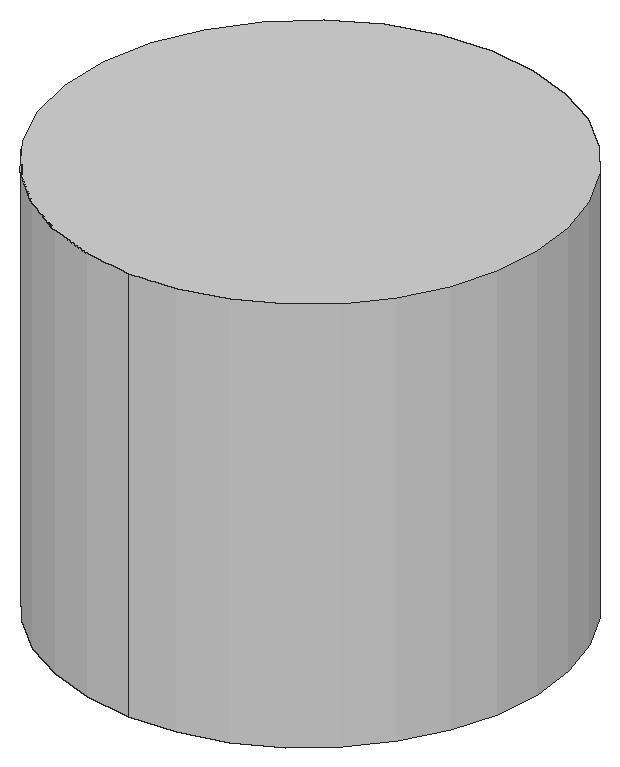
Revit family "WC-GBG-Nautic_HF_1500-Floor_Standing", category Plumbing Fixtures, Revit 2020
Family settings
  Round Connector Dimension = Use Radius
  Part Type = Normal
  OmniClass Number = 23.45.05.21.11
  OmniClass Title = Water Closets
  Work Plane-Based = No
  Always vertical = Yes
  Cut with Voids When Loaded = No
  Shared = No
  Room Calculation Point = No
Parameters (values of type "Hard seat, Duo flush, C+")
  Youtube clip = ""
  Width = 345 mm  # constant formula
  Weight Net (Kg) = 0
  Waste Connection Rough In = 75 mm  # constant formula
  Waste Connection Radius = 55 mm
  Waste Connection Diameter = 2 * Waste Connection Radius  # 110 mm
  Waste Connection = yes
  Uniclass 2015 Name = ""
  Uniclass 2015 Code = ""
  Uniclass 2.0 Description = ""
  Uniclass 2.0 Code = ""
  Uniclass 1.4 Description = ""
  Uniclass 1.4 Code = ""
  URL = "http://www.gustavsberg.com"
  UNSPSC Code = "30181505"
  Type Comments = "1500 WC Nautic HF 2/4 C+ w. Hard seat"
  Technical description = ""
  Seat Height = 420 mm  # constant formula
  Seat = yes
  Region South America = "All"
  Region Oceania = "All"
  Region North America = "All"
  Region Middle East = "All"
  Region Europe = "All"
  Region Asia = "All"
  Region Antarctica = "All"
  Region Africa = "All"
  QR code = "http://bimobject.com/gustavsberg/product/GB111500"
  Product group = "Toilet"
  Product family = "Nautic"
  Product data url = "https://bimobject.com/gustavsberg/product/GB111500"
  Product certification = "http://www.gustavsberg.com/en/care-support/for-professionals/declaration-of-performance/"
  Product SKU = "GB111500"
  Product Page URL = "http://www.gustavsberg.com"
  Product Guid = "fdffca94-abd0-478c-b202-6e18a21e0884"
  Pressure Drop = 130.0 Pa  # constant formula
  OmniClass Description = ""
  OmniClass Code = ""
  Nominal width = 0
  Nominal height = 0
  Nominal Flow = 0.1 L/s  # constant formula
  NBS Reference Description = ""
  NBS Reference Code = ""
  Model = "1500"
  Material secondary = "Plastic"
  Material main = "Porcelain"
  Material = Gustavsberg Porcelain - White (with C+)
  Manufacturer name = "Gustavsberg"
  Manufacturer country = "Sweden"
  Manufacturer = "Villeroy & Boch Gustavsberg AB"
  Length = 700 mm  # constant formula
  Installation instructions = "http://www.gustavsberg.com/fileadmin/uploads/Citat/G-berg_Mounting/Nautic.Wc.Bidet.pdf"
  Installation Instruction URL = "http://www.gustavsberg.com/fileadmin/uploads/Citat/G-berg_Mounting/Nautic.Wc.Bidet.pdf"
  IFC Classification = ""
  Height = 800 mm  # constant formula
  Flush Rate = "4/2L"
  Edition number = 1
  EAN code = "https://4051202357107"
  Design country = "Sweden"
  Description = "1500 Nautic HF WC with concealed S-trap for floor installation"
  Default Elevation = 0 mm
  Date of publishing = ""
  Cold Water Connection Radius = 7.5 mm
  Cold Water Connection Height = 360 mm  # constant formula
  Cold Water Connection Diameter = 2 * Cold Water Connection Radius  # 15 mm
  Code VVS DNK = "-"
  Code RSK SWE = "-"
  Code NRF NOR = "-"
  Code LVI FIN = "-"
  Code EAN = "-"
  Care Instruction URL = "http://www.gustavsberg.com/fileadmin/uploads/Citat/G-berg_Mounting/GUST_productcare_instructions_uk.pdf"
  COBIe Type Category = ""
  BIMobject category = "WC"
  Assembly Code = "D2010100"
  Article Number = "GB1115002R1321G"
Reference planes
  plane 1 "Center (Front/Back)": y = 0
  plane 2: z = 0
  plane 3 "Center (Left/Right)": x = 0
  plane 4 "Height": z = 800
  plane 5: y = -75
Forms (mm)
  Extrusion 1, solid, not visible
    sketch origin (0, -269.346, 25) x (-1, 0, 0) y (0, -1, 0)
      loop
        circle (0, -194.346) r 55
    from 100 to 0
  Extrusion 2, solid, material "Gustavsberg Chrome - Polished"
    sketch origin (-187.373, -48.13, 350) x (-1, 0, 0) y (0, -1, 0)
      loop
        circle (-297.373, -3.13) r 7.5
    from 23.122 to 10
Lines and regions (mm)
  Masking region 1
    outline origin (0, 0, 0) x (1, 0, 0) y (0, 1, 0)
      loop
        line (164.2, -161.225) -> (153.963, -81.105)
        arc (153.963, -81.105) -> (149.975, -61.191) -> (143.225, -42.036) r 144.015
        arc (143.225, -42.036) -> (136.381, -31.885) -> (126.23, -25.041) r 32.049
        arc (126.23, -25.041) -> (120.127, -22.6) -> (113.928, -20.413) r 159.545
        arc (113.928, -20.413) -> (109.078, -12.12) -> (100.436, -7.924) r 16.538
        arc (100.436, -7.924) -> (50.356, -1.984) -> (-0.037, -0.003) r 640.71
        arc (-0.037, -0.003) -> (-50.429, -1.984) -> (-100.509, -7.924) r 640.71
        arc (-100.509, -7.924) -> (-109.159, -12.128) -> (-114.007, -20.435) r 16.538
        arc (-114.007, -20.435) -> (-120.171, -22.613) -> (-126.241, -25.041) r 159.545
        arc (-126.241, -25.041) -> (-136.392, -31.885) -> (-143.236, -42.036) r 32.049
        arc (-143.236, -42.036) -> (-149.986, -61.191) -> (-153.974, -81.105) r 144.015
        line (-153.974, -81.105) -> (-164.211, -161.225)
        arc (-164.211, -161.225) -> (-164.127, -166.156) -> (-162.644, -170.86) r 17.167
        line (-162.644, -170.86) -> (-165.91, -202.209)
        arc (-165.91, -202.209) -> (-169.889, -207.057) -> (-171.579, -213.097) r 15.239
        spline (-171.579, -213.097) -> (-176.195, -306.81) -> (-177.636, -376.889) -> (-176.234, -428.878) -> (-172.324, -468.318) -> (-166.238, -500.749) -> (-157.919, -530.405) -> (-146.268, -558.044) -> (-130.013, -583.854) -> (-107.887, -608.017) -> (-78.964, -629.58) -> (-43.041, -645.196) -> (-0.005, -651.212)
        spline (-0.005, -651.212) -> (43.03, -645.196) -> (78.954, -629.58) -> (107.876, -608.017) -> (130.002, -583.854) -> (146.257, -558.044) -> (157.909, -530.405) -> (166.228, -500.749) -> (172.313, -468.318) -> (176.223, -428.878) -> (177.625, -376.889) -> (176.185, -306.81) -> (171.568, -213.097)
        arc (171.568, -213.097) -> (169.878, -207.057) -> (165.899, -202.209) r 15.239
        line (165.899, -202.209) -> (162.633, -170.86)
        arc (162.633, -170.86) -> (164.116, -166.156) -> (164.2, -161.225) r 17.167
  Masking region 2, not visible
    outline origin (0, 0, 0) x (1, 0, 0) y (0, 1, 0)
      loop
        line (164.2, -161.225) -> (153.963, -81.105)
        arc (153.963, -81.105) -> (149.975, -61.191) -> (143.225, -42.036) r 144.015
        arc (143.225, -42.036) -> (136.381, -31.885) -> (126.23, -25.041) r 32.049
        arc (126.23, -25.041) -> (120.127, -22.6) -> (113.928, -20.413) r 159.545
        arc (113.928, -20.413) -> (109.078, -12.12) -> (100.436, -7.924) r 16.538
        arc (100.436, -7.924) -> (50.356, -1.984) -> (-0.037, -0.003) r 640.71
        arc (-0.037, -0.003) -> (-50.429, -1.984) -> (-100.509, -7.924) r 640.71
        arc (-100.509, -7.924) -> (-109.159, -12.128) -> (-114.007, -20.435) r 16.538
        arc (-114.007, -20.435) -> (-120.171, -22.613) -> (-126.241, -25.041) r 159.545
        arc (-126.241, -25.041) -> (-136.392, -31.885) -> (-143.236, -42.036) r 32.049
        arc (-143.236, -42.036) -> (-149.986, -61.191) -> (-153.974, -81.105) r 144.015
        line (-153.974, -81.105) -> (-164.211, -161.225)
        arc (-164.211, -161.225) -> (-164.127, -166.156) -> (-162.644, -170.86) r 17.167
        line (-162.644, -170.86) -> (-165.91, -202.209)
        arc (-165.91, -202.209) -> (-169.889, -207.057) -> (-171.579, -213.097) r 15.239
        spline (-171.579, -213.097) -> (-176.195, -306.81) -> (-177.636, -376.889) -> (-176.234, -428.878) -> (-172.324, -468.318) -> (-166.238, -500.749) -> (-157.919, -530.405) -> (-146.268, -558.044) -> (-130.013, -583.854) -> (-107.887, -608.017) -> (-78.964, -629.58) -> (-43.041, -645.196) -> (-0.005, -651.212)
        spline (-0.005, -651.212) -> (43.03, -645.196) -> (78.954, -629.58) -> (107.876, -608.017) -> (130.002, -583.854) -> (146.257, -558.044) -> (157.909, -530.405) -> (166.228, -500.749) -> (172.313, -468.318) -> (176.223, -428.878) -> (177.625, -376.889) -> (176.185, -306.81) -> (171.568, -213.097)
        arc (171.568, -213.097) -> (169.878, -207.057) -> (165.899, -202.209) r 15.239
        line (165.899, -202.209) -> (162.633, -170.86)
        arc (162.633, -170.86) -> (164.116, -166.156) -> (164.2, -161.225) r 17.167
  symbolic lines, style "PlumbingFixtures"
    curve 1: line (154.574, -198.586, 0) -> (152.121, -200.663, 0)
    curve 2: arc (162.633, -170.86, 0) -> (157.754, -176.76, 0) -> (150.709, -179.756, 0) r 16.181
    curve 3: arc (165.899, -202.209, 0) -> (160.594, -199.28, 0) -> (154.574, -198.586, 0) r 15.645
    curve 4: arc (0, -208.364, 0) -> (76.193, -207.127, 0) -> (152.121, -200.663, 0) r 1109.47
    curve 5: arc (0, -194.096, 0) -> (75.774, -191.342, 0) -> (150.709, -179.756, 0) r 648.066
    curve 6: line (-154.575, -198.586, 0) -> (-152.122, -200.663, 0)
    curve 7: arc (-162.634, -170.86, 0) -> (-157.755, -176.76, 0) -> (-150.71, -179.756, 0) r 16.181
    curve 8: arc (-165.9, -202.209, 0) -> (-160.595, -199.28, 0) -> (-154.575, -198.586, 0) r 15.645
    curve 9: arc (0, -208.364, 0) -> (-76.193, -207.127, 0) -> (-152.122, -200.663, 0) r 1109.47
    curve 10: arc (0, -194.096, 0) -> (-75.775, -191.342, 0) -> (-150.71, -179.756, 0) r 648.066
    curve 11: arc (-113.66, -19.781, 0) -> (0.06, -5.899, 0) -> (113.779, -19.781, 0) r 472.718
  symbolic lines, style "PlumbingFixtures", not visible
    curve 12: line (154.574, -198.586, 0) -> (152.121, -200.663, 0)
    curve 13: arc (162.633, -170.86, 0) -> (157.754, -176.76, 0) -> (150.709, -179.756, 0) r 16.181
    curve 14: arc (165.899, -202.209, 0) -> (160.594, -199.28, 0) -> (154.574, -198.586, 0) r 15.645
    curve 15: arc (0, -208.364, 0) -> (76.193, -207.127, 0) -> (152.121, -200.663, 0) r 1109.47
    curve 16: arc (0, -194.096, 0) -> (75.774, -191.342, 0) -> (150.709, -179.756, 0) r 648.066
    curve 17: line (-154.575, -198.586, 0) -> (-152.122, -200.663, 0)
    curve 18: arc (-162.634, -170.86, 0) -> (-157.755, -176.76, 0) -> (-150.71, -179.756, 0) r 16.181
    curve 19: arc (-165.9, -202.209, 0) -> (-160.595, -199.28, 0) -> (-154.575, -198.586, 0) r 15.645
    curve 20: arc (0, -208.364, 0) -> (-76.193, -207.127, 0) -> (-152.122, -200.663, 0) r 1109.47
    curve 21: arc (0, -194.096, 0) -> (-75.775, -191.342, 0) -> (-150.71, -179.756, 0) r 648.066
    curve 22: arc (-113.66, -19.781, 0) -> (0.06, -5.899, 0) -> (113.779, -19.781, 0) r 472.718
Dimensions and locks
  "Height": plane 4 "Height" to level
  plane 3 "Center (Left/Right)" to Extrusion 2 = 110 mm
  locked: Extrusion 1 to plane 5
  "Waste Connection Rough In": plane 5 to plane 1 "Center (Front/Back)"
  "Cold Water Connection Height": Extrusion 2 to level
  locked: plane 5 to Masking region 1 at 576.212
  aligned and locked: level to plane 2
Connectors
  piping at (110, -45, 360), diameter 15, driven by "Cold Water Connection Radius"
    settings: on Extrusion 2, index 1, connector inside diameter 15 mm, connector length 0 mm, flow factor 0, pipe flow 0.0 L/s, pressure drop 0.0 Pa, fitting loss kfactor 0, connector angle 0.00°, fixture units 0, engagement length 0 mm, angle of deflection 0.00°, flow configuration 0, flow direction 1, fitting loss method 0, system type 20, joint type 0, gender type 0, connector reference index -1, connector utility 0, adjustable connector no, is connector primary yes, connector description "In"
  piping at (0, -75, 25), diameter 110, driven by "Waste Connection Radius"
    settings: on Extrusion 1, index 2, connector inside diameter 110 mm, connector length 0 mm, flow factor 0, pipe flow 0.0 L/s, pressure drop 0.0 Pa, fitting loss kfactor 0, connector angle 0.00°, fixture units 0, engagement length 0 mm, angle of deflection 0.00°, flow configuration 0, flow direction 2, fitting loss method 0, system type 16, joint type 0, gender type 0, connector reference index -1, connector utility 0, adjustable connector no, is connector primary no, connector description "Out"
